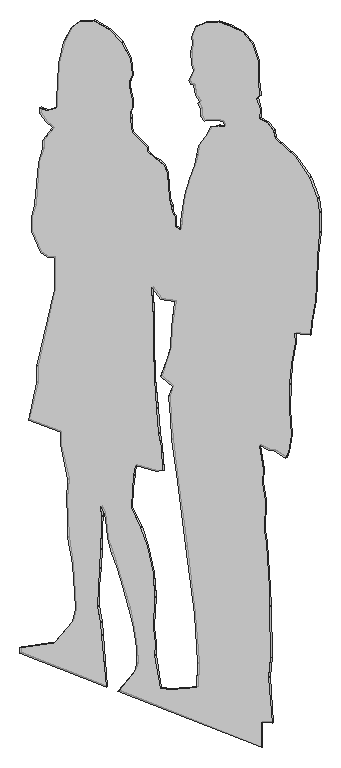
Revit family "ADSK_Антураж_ГруппаЛюдей_05", category Антураж, Revit 2019
Family settings
  На основе рабочей плоскости = Нет
  Всегда вертикально = Да
  При загрузке вырезать с полостями = Нет
  Источник визуального образа = Геометрия семейства
  Общий = Нет
  Точка расчета площади = Нет
Parameters (values of type "Тип")
  Показать чертеж [instance] = yes
  Высота = 0 mm
  Материал = Антураж
  ADSK_Версия семейства = "1.0"  # constant formula
  ADSK_Версия Revit = "v2019"  # constant formula
Reference planes
  plane 1 "Center (Front/Back)": y = 0
  plane 2: z = 0
  plane 3 "Center (Left/Right)": x = 0
  plane 4: z = 1600
Forms (mm)
  Extrusion 1, solid, material "Антураж" <- "Материал"
    sketch origin (0, 0, 0) x (1, 0, 0) y (0, 0, 1)
      loop
        line (-155.68, 0) -> (-167.493, 124.13) -> (-171.44, 155.267) -> (-178.872, 191.98) -> (-177.474, 239.381) -> (-174.216, 287.943) -> (-170.958, 336.505) -> (-169.327, 391.806) -> (-167.93, 418.527) -> (-170.251, 442.925) -> (-160.958, 428.053) -> (-155.849, 395.058) -> (-152.367, 368.801) -> (-140.519, 337.432) -> (-124.49, 303.506) -> (-111.017, 265.398) -> (-93.595, 216.834) -> (-80.355, 170.826) -> (-71.994, 124.354) -> (-71.75, 88.819) -> (-77.99, 65.532) -> (-123.876, 0) -> (273.516, 0) -> (273.516, 63.676) -> (304.187, 72.503) -> (294.671, 182.873) -> (299.788, 232.597) -> (297.476, 360.394) -> (296.318, 403.613) -> (287.964, 512.124) -> (282.158, 542.099) -> (284.953, 616.22) -> (275.895, 659.672) -> (278.686, 692.434) -> (267.538, 747.504) -> (294.26, 746.107) -> (310.757, 748.662) -> (340.963, 741.688) -> (348.168, 759.114) -> (356.769, 803.262) -> (350.733, 866.696) -> (352.598, 929.896) -> (356.553, 981.479) -> (367.944, 1037.709) -> (366.784, 1060.248) -> (382.12, 1064.661) -> (409.075, 1071.165) -> (411.866, 1103.927) -> (423.257, 1160.156) -> (426.281, 1200.818) -> (428.379, 1271.92) -> (435.123, 1335.585) -> (435.36, 1384.844) -> (430.251, 1417.84) -> (407.252, 1462.919) -> (368.22, 1500.565) -> (312.861, 1526.35) -> (308.043, 1543.092) -> (290.85, 1558.196) -> (269.377, 1560.703) -> (270.869, 1581.899) -> (260.648, 1606.53) -> (268.782, 1614.197) -> (265.765, 1656.254) -> (264.607, 1699.472) -> (248.114, 1738.277) -> (220.697, 1757.333) -> (186.773, 1761.984) -> (154.475, 1759.896) -> (119.388, 1745.725) -> (90.807, 1725.28) -> (78.953, 1694.61) -> (82.205, 1681.133) -> (77.788, 1655.109) -> (79.412, 1627.691) -> (85.684, 1613.517) -> (72.669, 1584.705) -> (77.315, 1577.269) -> (87.074, 1578.199) -> (91.255, 1554.962) -> (103.104, 1544.273) -> (97.991, 1535.908) -> (105.659, 1527.775) -> (105.657, 1507.095) -> (116.344, 1498.264) -> (151.432, 1512.435) -> (167.929, 1514.989) -> (170.716, 1506.392) -> (155.381, 1501.979) -> (133.771, 1491.06) -> (117.735, 1462.946) -> (99.841, 1433.671) -> (95.424, 1407.647) -> (87.288, 1379.3) -> (74.04, 1342.589) -> (59.863, 1294.957) -> (54.05, 1262.892) -> (50.562, 1227.11) -> (49.686, 1206.304) -> (35.07, 1209.679) -> (35.07, 1234.679) -> (26.63, 1240.589) -> (25.238, 1255.228) -> (18.501, 1274.281) -> (15.716, 1303.558) -> (12.93, 1332.836) -> (4.334, 1350.728) -> (-10.072, 1357.235) -> (-25.174, 1360.722) -> (-42.6, 1367.927) -> (-41.67, 1378.848) -> (-84.189, 1401.391) -> (-86.279, 1413.009) -> (-87.439, 1435.547) -> (-88.646, 1452.37) -> (-83.022, 1461.571) -> (-83.02, 1482.251) -> (-88.595, 1499.445) -> (-92.311, 1517.802) -> (-90.219, 1526.864) -> (-83.711, 1541.269) -> (-88.587, 1582.165) -> (-113.214, 1613.303) -> (-146.672, 1633.754) -> (-189.657, 1640.496) -> (-229.624, 1625.861) -> (-252.862, 1601.001) -> (-273.545, 1559.643) -> (-288.654, 1501.091) -> (-293.966, 1408.226) -> (-293.966, 1388.226) -> (-319.946, 1373.226) -> (-339.946, 1373.226) -> (-339.946, 1358.818) -> (-322.269, 1341.141) -> (-303.184, 1335.16) -> (-331.863, 1294.203) -> (-331.863, 1274.203) -> (-343.824, 1236.033) -> (-353.411, 1126.451) -> (-363.877, 1093.053) -> (-363.877, 1058.053) -> (-338.889, 1014.772) -> (-319.604, 1008.729) -> (-299.806, 1015.147) -> (-299.806, 935.811) -> (-347.715, 728.295) -> (-347.715, 688.333) -> (-371.335, 586.024) -> (-283.038, 586.024) -> (-283.038, 556.024) -> (-262.261, 478.484) -> (-266.216, 426.901) -> (-263.897, 381.824) -> (-262.275, 333.726) -> (-250.437, 270.924) -> (-241.095, 164.139) -> (-250.153, 130.332) -> (-299.838, 59.375) -> (-395, 15) -> (-395, 0) -> (-155.68, 0)
      loop
        line (25, 58.868) -> (95.416, 88.091) -> (97.165, 147.342) -> (87.881, 265.612) -> (64.66, 426.87) -> (41.207, 580.228) -> (25.881, 679.214) -> (21.238, 728.009) -> (17.99, 782.846) -> (27.287, 809.334) -> (-4.545, 823.046) -> (10.795, 868.819) -> (22.184, 904.368) -> (24.28, 954.79) -> (34.227, 1023.506) -> (-4.992, 1014.043) -> (-29.286, 1036.753) -> (-26.141, 956.886) -> (-26.147, 894.846) -> (-23.134, 811.429) -> (-15.473, 741.257) -> (-10.599, 679.682) -> (-3.631, 647.848) -> (0.777, 591.153) -> (-17.93, 582.479) -> (-75.669, 576.986) -> (-80.087, 550.963) -> (-83.575, 515.18) -> (-85.748, 469.018) -> (-60.582, 428.746) -> (-42.589, 389.089) -> (-24.788, 327.229) -> (-20.862, 270.037) -> (-25.516, 194.754) -> (-20.64, 153.858) -> (-20.876, 125.278) -> (-5.628, 49.962) -> (25, 58.868)
    from 0 to 5
Lines and regions (mm)
  model lines
    curve 1: line (0, 150, 0) -> (0, -150, 0)
    curve 2: line (-150, 0, 0) -> (150, 0, 0)
Dimensions and locks
  aligned and locked: level to plane 2
